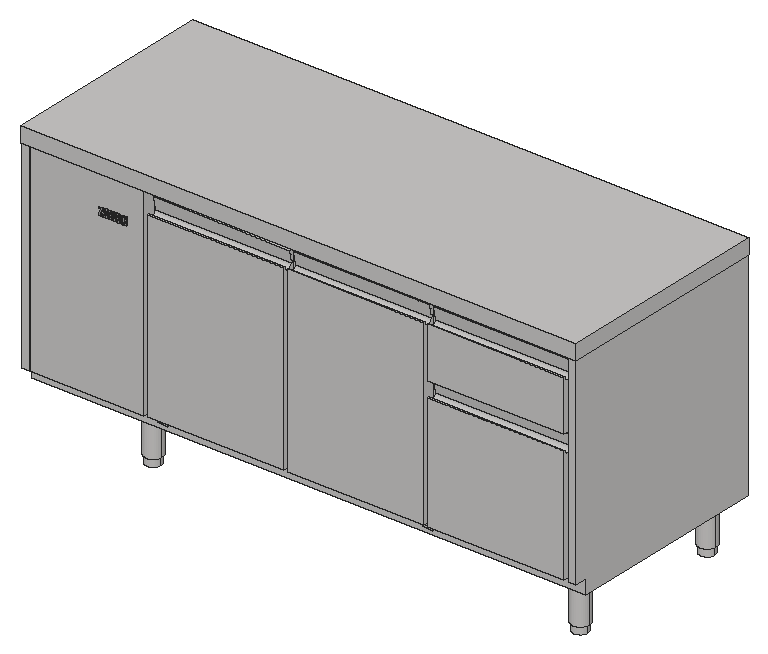
Revit family "QF_ZANUSSI_111045_ZH3HBAAD", category Specialty Equipment, Revit 2018
Family settings
  Round Connector Dimension = Use Diameter
  Part Type = Normal
  Work Plane-Based = No
  Always vertical = Yes
  Cut with Voids When Loaded = No
  Shared = No
  Room Calculation Point = No
Parameters
  Weight = 0.00 kg
  Watts = 0.0232258 W
  Volts = 220 V
  URL Manufacturer = "http://www.zanussiprofessional.com/"
  URL = "http://www.zanussiprofessional.com/"
  Steam Supply Size = 0 mm
  Steam Supply Minimum Pressure = 0.0 Pa
  Steam Supply Maximum Pressure = 0.0 Pa
  Steam Pounds per Hour = 0
  Show Logo [instance] = yes
  Show Clearance [instance] = yes
  Refrigeration Suction Line Size = 0 mm
  Refrigeration Liquid Line Size = 0 mm
  Refrigerant Compressor Remote = yes
  Manufacturer = "Zanussi"
  Phase = 1
  Model = "ZH3HBAAD"
  Length Actual = 1799 mm  # constant formula
  Item Number = "111045"
  Hot Water Size = 0 mm
  Height Actual = 900 mm  # constant formula
  HP = "0.3 HP"
  Gas Size = 0 mm
  Gas KW = 0
  Gas Input Pressure = 0 W
  Description = "2DOOR+1/3+2/3DRAWERS REF.TABLE 440L"
  Depth Actual = 700 mm  # constant formula
  Cycle = 50 Hz
  Condensate Return Size = 0 mm
  Compressed Air Volume = 0.0 L/s
  Compressed Air Size = 0 mm
  Compressed Air Pressure = 0.0 Pa
  Cold Water Size = 0 mm
  Accessory = yes
Reference planes
  plane 1 "Center X": y = 182.5
  plane 2: z = 0
  plane 3 "Center Y": x = -353.5
  plane 4: y = -62.5
  plane 5: y = 451.5
  plane 6 "BACK": y = 532.5
  plane 7 "FRONT": y = -167.5
  plane 8: x = -906
  plane 9: x = 478
  plane 10: z = 150
  plane 11 "TOP": z = 900
  plane 12: z = 850
  plane 13 "LEFT": x = -1251
  plane 14 "RIGHT": x = 544
  plane 15: x = -1253
  plane 16: x = 546
Forms (mm)
  Extrusion 1, solid, material "QF_Finishes_Stainless Steel"
    sketch origin (-353.5, 2, 0) x (0, 1, 0) y (0, 0, 1)
      loop
        line (530.5, 150) -> (530.5, 850) -> (-124.5, 850) -> (-124.5, 150) -> (530.5, 150)
    from -897.5 to 897.5
  Extrusion 2, solid, material "QF_Finishes_Stainless Steel"
    sketch origin (-1022.223, -1524, 150) x (-1, 0, 0) y (0, -1, 0)
      loop
        line (228.777, -1361.5) -> (203.777, -1361.5) -> (203.777, -1401.5) -> (228.777, -1401.5) -> (228.777, -1361.5)
      loop
        line (-1566.223, -1401.5) -> (-1541.223, -1401.5) -> (-1541.223, -1361.5) -> (-1566.223, -1361.5) -> (-1566.223, -1401.5)
    from 47 to 700
  Extrusion 3, solid, material "QF_Finishes_Stainless Steel"
    sketch origin (0, 0, 900) x (-1, 0, 0) y (0, -1, 0)
      loop
        circle (170, -94.5) r 8.45
    from -790.577 to -750
  Extrusion 4, solid, material "QF_Finishes_Stainless Steel"
    sketch origin (0, 0, 0) x (1, 0, 0) y (0, 1, 0)
      loop
        circle (-1167, 451.5) r 4
    from 109.423 to 150
  Extrusion 5, solid, material "QF_Finishes_Stainless Steel"
    sketch origin (-126.5, 0, 0) x (0, 1, 0) y (0, 0, 1)
      loop
        line (-167.5, 900) -> (-167.5, 850) -> (532.5, 850) -> (532.5, 900) -> (-167.5, 900)
    from 672.5 to -1126.5
Cuts and joins
  joined: Extrusion 1, Extrusion 2
Lines and regions (mm)
  symbolic lines, style "SpecialityEquipmentHiddenLines"
    curve 1: line (-1253, -122.5, 900) -> (546, -122.5, 900)
    curve 2: line (-850, -167.5, 900) -> (-850, -122.5, 900)
  symbolic lines, style "SpecialityEquipment"
    curve 3: line (-1253, 532.5, 900) -> (546, 532.5, 900)
    curve 4: line (-1253, 532.5, 900) -> (-1253, -167.5, 900)
    curve 5: line (-1253, -167.5, 900) -> (546, -167.5, 900)
    curve 6: line (546, -167.5, 900) -> (546, 532.5, 900)
Dimensions and locks
  locked: plane 6 "BACK" to plane 7 "FRONT" at 700
  equal spacing: plane 6 "BACK", plane 1 "Center X", plane 7 "FRONT"
  locked: plane 6 "BACK" to plane 5 at 81
  plane 10 to level = 150 mm
  plane 11 "TOP" to plane 12 to plane 10 = 50 mm locked, 700 mm locked
  locked: Extrusion 2 sketch curve to Extrusion 2 sketch curve at 25  (x2)
  locked: plane 4 to plane 7 "FRONT" at 105
  locked: plane 6 "BACK" to Extrusion 3 sketch curve at 438
  equal spacing: plane 13 "LEFT", plane 3 "Center Y", plane 14 "RIGHT"
  plane 15 to plane 16 = 1799 mm
  locked: plane 13 "LEFT" to plane 8 at 345
  locked: plane 9 to plane 14 "RIGHT" at 66
  Extrusion 3 sketch curve to plane 14 "RIGHT" = 714 mm
  plane 13 "LEFT" to Extrusion 4 sketch curve = 84 mm
  locked: plane 6 "BACK" to Extrusion 4 sketch curve at 81
  locked: plane 10 to Extrusion 4 at 40.577
  aligned and locked: level to plane 2
  aligned and locked: plane 10 to Extrusion 3
  aligned and locked: nested 4 to plane 4
  aligned and locked: nested 1 to plane 4
  aligned and locked: nested 3 to plane 5
  aligned and locked: nested 2 to plane 5
  aligned and locked: plane 8 to nested 1
  aligned and locked: plane 8 to nested 2
  aligned and locked: plane 9 to nested 4
  aligned and locked: plane 9 to nested 3
  aligned and locked: Extrusion 1 to Extrusion 2
  aligned and locked: Extrusion 2 to Extrusion 1
  aligned and locked: Extrusion 2 sketch curve to plane 14 "RIGHT"
  aligned and locked: plane 13 "LEFT" to Extrusion 2 sketch curve
  aligned and locked: cut or joined group of Extrusion 1, Extrusion 2 to plane 10
  aligned and locked: plane 12 to cut or joined group of Extrusion 1, Extrusion 2
  aligned and locked: plane 10 to Extrusion 4
Automatic sketch dimensions
  plane 7 "FRONT" to Extrusion 2 sketch curve = 45 mm  (x2)
  plane 7 "FRONT" to Extrusion 2 sketch curve = 5 mm  (x2)
  Extrusion 1 sketch curve to plane 10 = 0 mm
  Extrusion 1 sketch curve to plane 12 = 0 mm
  Extrusion 1 sketch curve to plane 6 "BACK" = 0 mm
  plane 7 "FRONT" to Extrusion 1 sketch curve = 45 mm
  Extrusion 5 sketch curve to plane 7 "FRONT" = 0 mm
  Extrusion 5 sketch curve to plane 6 "BACK" = 0 mm
  Extrusion 5 sketch curve to plane 12 = 0 mm
  Extrusion 5 sketch curve to plane 11 "TOP" = 0 mm
  curve 6 to plane 6 "BACK" = 0 mm
  curve 6 to plane 16 = 0 mm
  curve 2 to plane 7 "FRONT" = 0 mm
  curve 5 to plane 15 = 0 mm
  plane 8 to curve 2 = 56 mm
  curve 1 to curve 4 = 45 mm
  radius of Extrusion 3 sketch curve = 8.45 mm
  radius of Extrusion 4 sketch curve = 4 mm
Nested families
  nested 1: "Foot_Ø50_H150" at (-906, -62.5, 0), type "Foot_Ø50_H150"
  nested 2: "Foot_Ø50_H150" at (-906, 451.5, 0), type "Foot_Ø50_H150"
  nested 3: "Foot_Ø50_H150" at (478, 451.5, 0), type "Foot_Ø50_H150"
  nested 4: "Foot_Ø50_H150" at (478, -62.5, 0), type "Foot_Ø50_H150"
  nested 5: "1x1-3 1x2-3 Drawers" at (285, -164.5, 0), Show Clearance <- "Show Clearance", type "1x1-3 1x2-3 Drawers"
  nested 6: "Door" at (-169, -164.5, 0), Show Clearance <- "Show Clearance", type "Door"
  nested 7: "Refrigerator" at (544, -167.5, 900), type "Refrigerator"
  nested 8: "ZAN_Cooling Unit" at (-1041.5, -164.5, 0), Show Logo <- "Show Logo", type "ZAN_Cooling Unit"
  nested 9: "Door" at (-623, -164.5, 0) x (-1, 0, 0) z (0, 0, 1), Show Clearance <- "Show Clearance", type "Door"
Connectors
  electrical at (-1167, 451.5, 109.423), driven by "Volts"
    settings: on Extrusion 4, index 4, voltage 220 V, apparent load 0 VA, apparent load phase1 0 VA, apparent load phase2 0 VA, apparent load phase3 0 VA, power factor 1, load classification "Altro", number of poles 1, system type 30, power factor state 1, is connector primary yes, connector utility no, sub classification motor no, connector description "Electrical Connection"
  piping at (-170, 94.5, 109.423), diameter 17
    settings: on Extrusion 3, index 5, connector inside diameter 609.6 mm, connector length 0 mm, flow factor 0, pipe flow 0.0 L/s, pressure drop 0.0 Pa, fitting loss kfactor 0, connector angle 0.00°, fixture units 0, engagement length 0 mm, angle of deflection 0.00°, flow configuration 1, flow direction 2, fitting loss method 0, system type 16, joint type 0, gender type 0, connector reference index -1, connector utility 0, adjustable connector no, is connector primary yes, connector description "Drain"
Definition of nested family "Foot_Ø50_H150"
  Reference planes
    plane 1 "Centro (Fronte/Retro)": y = 0
    plane 2: z = 0
    plane 3 "Centro (Sinistra/Destra)": x = 0
    plane 4: z = 150
  Forms (mm)
    Revolve 1, solid
      sketch origin (255.05, 0, 608.09) x (0, 0, 1) y (-1, 0, 0)
        loop
          line (-608.09, 255.05) -> (-608.09, 230.05) -> (-583.09, 230.05) -> (-583.09, 226.05) -> (-458.09, 226.05) -> (-458.09, 255.05) -> (-608.09, 255.05)
        axis (-608.09, 255.05) -> (-458.09, 255.05)
      angle from 0 to 360
  Dimensions and locks
    locked: Revolve 1 sketch curve to Revolve 1 sketch curve at 125
    aligned and locked: level to plane 2
    aligned and locked: plane 4 to Revolve 1 sketch curve
    aligned and locked: Revolve 1 sketch curve to level
    aligned and locked: plane 3 "Centro (Sinistra/Destra)" to Revolve 1 sketch curve
Definition of nested family "1x1-3 1x2-3 Drawers"
  Parameters
    Show Clearance [instance] = yes
  Reference planes
    plane 1 "FRONT": y = -3
    plane 2: z = 0
    plane 3 "Centro (Sinistra/Destra)": x = 0
    plane 4: z = 150
    plane 5: z = 850
    plane 6: x = -234
    plane 7: x = 234
    plane 8: x = -220
    plane 9: x = 220
  Forms (mm)
    Extrusion 1, solid
      sketch origin (0, 55, 511) x (0, 0, 1) y (0, -1, 0)
        loop
          line (314, 18) -> (314, 29) -> (274.395, 22.5)
          arc (274.395, 22.5) -> (260.395, 36.5) -> (274.395, 50.5) r 14
          line (274.395, 50.5) -> (274.395, 53) -> (111.333, 53) -> (111.333, 18) -> (314, 18)
        loop
          line (101.333, 29) -> (61.728, 22.5)
          arc (61.728, 22.5) -> (47.728, 36.5) -> (61.728, 50.5) r 14
          line (61.728, 50.5) -> (61.728, 53) -> (-314, 53) -> (-314, 18) -> (101.333, 18) -> (101.333, 29)
      from -220 to 220
    Extrusion 2, solid, visible <- "Show Clearance", detail levels coarse
      sketch origin (0, -462, 511) x (0, 0, 1) y (0, -1, 0)
        loop
          line (-314, 109) -> (-314, -464) -> (101.333, -464) -> (101.333, 109) -> (-314, 109)
        loop
          line (314, -464) -> (314, 109) -> (111.333, 109) -> (111.333, -464) -> (314, -464)
      from -220 to 220
  Lines and regions (mm)
    symbolic lines
      curve 1: line (-220, -208, 0) -> (-220, -243, 0)
      curve 2: line (220, -243, 0) -> (220, -208, 0)
      curve 3: line (-190, -3, 0) -> (-190, -48, 0)
      curve 4: line (220, -48, 0) -> (-220, -48, 0)
      curve 5: line (-220, -48, 0) -> (-220, -83, 0)
      curve 6: line (-220, -83, 0) -> (220, -83, 0)
      curve 7: line (220, -83, 0) -> (220, -48, 0)
      curve 8: line (190, -48, 0) -> (190, -3, 0)
      curve 9: line (-190, -83, 0) -> (-190, -208, 0)
      curve 10: line (190, -208, 0) -> (190, -83, 0)
      curve 11: line (220, -208, 0) -> (-220, -208, 0)
      curve 12: line (-220, -208, 0) -> (-220, -243, 0)
      curve 13: line (-220, -243, 0) -> (220, -243, 0)
      curve 14: line (220, -243, 0) -> (220, -208, 0)
  Dimensions and locks
    aligned and locked: level to plane 2
Definition of nested family "Door"
  Parameters
    Show Clearance [instance] = yes
  Reference planes
    plane 1 "FRONT": y = -3
    plane 2: z = 0
    plane 3 "Centro (Sinistra/Destra)": x = 0
    plane 4: z = 150
    plane 5: z = 850
    plane 6: x = -234
    plane 7: x = 234
    plane 8: x = -220
    plane 9: x = 220
  Forms (mm)
    Extrusion 1, solid
      sketch origin (0, 53, 511) x (0, 0, 1) y (0, -1, 0)
        loop
          line (-323.003, 28.5) -> (-316.501, 28.5) -> (-316.501, 31) -> (-325.503, 31) -> (-325.503, 13.5) -> (-345.503, 13.5) -> (-345.503, 11) -> (-323.003, 11) -> (-323.003, 23.259) -> (-323.003, 28.5)
        loop
          line (-314, 27) -> (-316.501, 27) -> (-316.501, 18.501) -> (-319.752, 18.501) -> (-319.752, 16) -> (-314, 16) -> (-314, 27)
        loop
          line (315.003, 27) -> (315.003, 13.948) -> (315.003, 11) -> (327.503, 11) -> (327.503, 13.5) -> (317.503, 13.5) -> (317.503, 27) -> (315.003, 27)
      from 185 to 220
    Extrusion 2, solid, visible <- "Show Clearance", detail levels coarse
      sketch origin (0, 53, 511) x (0, -1, 0) y (1, 0, 0)
        loop
          line (51, 220) -> (51, -220)
          arc (51, -220) -> (339.234, -79.44) -> (454, 220) r 437.168
          line (454, 220) -> (51, 220)
      from -314 to 314
    Extrusion 3, solid
      sketch origin (0, 55, 511) x (0, 0, 1) y (0, -1, 0)
        loop
          line (314, 18) -> (314, 29) -> (274.395, 22.5)
          arc (274.395, 22.5) -> (260.395, 36.5) -> (274.395, 50.5) r 14
          line (274.395, 50.5) -> (274.395, 53) -> (-314, 53) -> (-314, 18) -> (314, 18)
      from -220 to 220
  Lines and regions (mm)
    symbolic lines
      curve 1: line (220, -3, 0) -> (220, -401, 0)
      curve 2: line (220, -401, 0) -> (185, -401, 0)
      curve 3: line (185, -401, 0) -> (185, -3, 0)
      curve 4: arc (-219.722, -3, 0) -> (-89.51, -275.368, 0) -> (185, -401, 0) r 442.855
  Dimensions and locks
    aligned and locked: level to plane 2
Definition of nested family "ZAN_Cooling Unit"
  Parameters
    Show Logo [instance] = yes
  Reference planes
    plane 1 "FRONT": y = -3
    plane 2: z = 0
    plane 3 "Centro (Sinistra/Destra)": x = 0
    plane 4: z = 150
    plane 5: z = 850
    plane 6: x = -184.5
    plane 7: x = 184.5
  Forms (mm)
    Extrusion 1, solid
      sketch origin (0, 55, 511) x (0, 0, 1) y (0, -1, 0)
        loop
          line (-314, 53) -> (-314, 13) -> (339, 13) -> (339, 53) -> (-314, 53)
      from -184.5 to 184.5
  Lines and regions (mm)
    Split face 1
      outline origin (0, 2, 197) x (0, 0, 1) y (-1, 0, 0)
        loop
          line (566.835, 184.5) -> (566.835, -184.5)
        loop
          line (521.835, 184.5) -> (521.835, -184.5)
    Split face 2
      outline origin (0, 2, 197) x (0, 0, 1) y (-1, 0, 0)
        loop
          arc (510.649, 158.547) -> (506.648, 162.548) -> (502.647, 158.547) r 4.001
          line (502.647, 158.547) -> (502.647, 116.535)
          arc (502.647, 116.535) -> (506.648, 112.533) -> (510.649, 116.535) r 4.001
          line (510.649, 116.535) -> (510.649, 158.547)
    Split face 3
      outline origin (0, 2, 184.996) x (0, 0, 1) y (-1, 0, 0)
        loop
          arc (510.649, 158.547) -> (506.648, 162.548) -> (502.647, 158.547) r 4.001
          line (502.647, 158.547) -> (502.647, 116.535)
          arc (502.647, 116.535) -> (506.648, 112.533) -> (510.649, 116.535) r 4.001
          line (510.649, 116.535) -> (510.649, 158.547)
    Split face 4
      outline origin (0, 2, 172.993) x (0, 0, 1) y (-1, 0, 0)
        loop
          arc (510.649, 158.547) -> (506.648, 162.548) -> (502.647, 158.547) r 4.001
          line (502.647, 158.547) -> (502.647, 116.535)
          arc (502.647, 116.535) -> (506.648, 112.533) -> (510.649, 116.535) r 4.001
          line (510.649, 116.535) -> (510.649, 158.547)
    Split face 5
      outline origin (0, 2, 160.989) x (0, 0, 1) y (-1, 0, 0)
        loop
          arc (510.649, 158.547) -> (506.648, 162.548) -> (502.647, 158.547) r 4.001
          line (502.647, 158.547) -> (502.647, 116.535)
          arc (502.647, 116.535) -> (506.648, 112.533) -> (510.649, 116.535) r 4.001
          line (510.649, 116.535) -> (510.649, 158.547)
    Split face 6
      outline origin (0, 2, 148.986) x (0, 0, 1) y (-1, 0, 0)
        loop
          arc (510.649, 158.547) -> (506.648, 162.548) -> (502.647, 158.547) r 4.001
          line (502.647, 158.547) -> (502.647, 116.535)
          arc (502.647, 116.535) -> (506.648, 112.533) -> (510.649, 116.535) r 4.001
          line (510.649, 116.535) -> (510.649, 158.547)
    Split face 7
      outline origin (0, 2, 136.982) x (0, 0, 1) y (-1, 0, 0)
        loop
          arc (510.649, 158.547) -> (506.648, 162.548) -> (502.647, 158.547) r 4.001
          line (502.647, 158.547) -> (502.647, 116.535)
          arc (502.647, 116.535) -> (506.648, 112.533) -> (510.649, 116.535) r 4.001
          line (510.649, 116.535) -> (510.649, 158.547)
    Split face 8
      outline origin (0, 2, 124.979) x (0, 0, 1) y (-1, 0, 0)
        loop
          arc (510.649, 158.547) -> (506.648, 162.548) -> (502.647, 158.547) r 4.001
          line (502.647, 158.547) -> (502.647, 116.535)
          arc (502.647, 116.535) -> (506.648, 112.533) -> (510.649, 116.535) r 4.001
          line (510.649, 116.535) -> (510.649, 158.547)
    Split face 9
      outline origin (0, 2, 112.975) x (0, 0, 1) y (-1, 0, 0)
        loop
          arc (510.649, 158.547) -> (506.648, 162.548) -> (502.647, 158.547) r 4.001
          line (502.647, 158.547) -> (502.647, 116.535)
          arc (502.647, 116.535) -> (506.648, 112.533) -> (510.649, 116.535) r 4.001
          line (510.649, 116.535) -> (510.649, 158.547)
    Split face 10
      outline origin (0, 2, 100.972) x (0, 0, 1) y (-1, 0, 0)
        loop
          arc (510.649, 158.547) -> (506.648, 162.548) -> (502.647, 158.547) r 4.001
          line (502.647, 158.547) -> (502.647, 116.535)
          arc (502.647, 116.535) -> (506.648, 112.533) -> (510.649, 116.535) r 4.001
          line (510.649, 116.535) -> (510.649, 158.547)
    Split face 11
      outline origin (0, 2, 88.968) x (0, 0, 1) y (-1, 0, 0)
        loop
          arc (510.649, 158.547) -> (506.648, 162.548) -> (502.647, 158.547) r 4.001
          line (502.647, 158.547) -> (502.647, 116.535)
          arc (502.647, 116.535) -> (506.648, 112.533) -> (510.649, 116.535) r 4.001
          line (510.649, 116.535) -> (510.649, 158.547)
    Split face 12
      outline origin (0, 2, 76.965) x (0, 0, 1) y (-1, 0, 0)
        loop
          arc (510.649, 158.547) -> (506.648, 162.548) -> (502.647, 158.547) r 4.001
          line (502.647, 158.547) -> (502.647, 116.535)
          arc (502.647, 116.535) -> (506.648, 112.533) -> (510.649, 116.535) r 4.001
          line (510.649, 116.535) -> (510.649, 158.547)
    Split face 13
      outline origin (0, 2, 64.961) x (0, 0, 1) y (-1, 0, 0)
        loop
          arc (510.649, 158.547) -> (506.648, 162.548) -> (502.647, 158.547) r 4.001
          line (502.647, 158.547) -> (502.647, 116.535)
          arc (502.647, 116.535) -> (506.648, 112.533) -> (510.649, 116.535) r 4.001
          line (510.649, 116.535) -> (510.649, 158.547)
    Split face 14
      outline origin (0, 2, 52.958) x (0, 0, 1) y (-1, 0, 0)
        loop
          arc (510.649, 158.547) -> (506.648, 162.548) -> (502.647, 158.547) r 4.001
          line (502.647, 158.547) -> (502.647, 116.535)
          arc (502.647, 116.535) -> (506.648, 112.533) -> (510.649, 116.535) r 4.001
          line (510.649, 116.535) -> (510.649, 158.547)
    Split face 15
      outline origin (0, 2, 40.954) x (0, 0, 1) y (-1, 0, 0)
        loop
          arc (510.649, 158.547) -> (506.648, 162.548) -> (502.647, 158.547) r 4.001
          line (502.647, 158.547) -> (502.647, 116.535)
          arc (502.647, 116.535) -> (506.648, 112.533) -> (510.649, 116.535) r 4.001
          line (510.649, 116.535) -> (510.649, 158.547)
    Split face 16
      outline origin (0, 2, 28.951) x (0, 0, 1) y (-1, 0, 0)
        loop
          arc (510.649, 158.547) -> (506.648, 162.548) -> (502.647, 158.547) r 4.001
          line (502.647, 158.547) -> (502.647, 116.535)
          arc (502.647, 116.535) -> (506.648, 112.533) -> (510.649, 116.535) r 4.001
          line (510.649, 116.535) -> (510.649, 158.547)
    Split face 17
      outline origin (0, 2, 16.947) x (0, 0, 1) y (-1, 0, 0)
        loop
          arc (510.649, 158.547) -> (506.648, 162.548) -> (502.647, 158.547) r 4.001
          line (502.647, 158.547) -> (502.647, 116.535)
          arc (502.647, 116.535) -> (506.648, 112.533) -> (510.649, 116.535) r 4.001
          line (510.649, 116.535) -> (510.649, 158.547)
    Split face 18
      outline origin (55.016, 2, 197) x (0, 0, 1) y (-1, 0, 0)
        loop
          arc (510.649, 158.547) -> (506.648, 162.548) -> (502.647, 158.547) r 4.001
          line (502.647, 158.547) -> (502.647, 116.535)
          arc (502.647, 116.535) -> (506.648, 112.533) -> (510.649, 116.535) r 4.001
          line (510.649, 116.535) -> (510.649, 158.547)
    Split face 19
      outline origin (55.016, 2, 184.996) x (0, 0, 1) y (-1, 0, 0)
        loop
          arc (510.649, 158.547) -> (506.648, 162.548) -> (502.647, 158.547) r 4.001
          line (502.647, 158.547) -> (502.647, 116.535)
          arc (502.647, 116.535) -> (506.648, 112.533) -> (510.649, 116.535) r 4.001
          line (510.649, 116.535) -> (510.649, 158.547)
    Split face 20
      outline origin (55.016, 2, 172.993) x (0, 0, 1) y (-1, 0, 0)
        loop
          arc (510.649, 158.547) -> (506.648, 162.548) -> (502.647, 158.547) r 4.001
          line (502.647, 158.547) -> (502.647, 116.535)
          arc (502.647, 116.535) -> (506.648, 112.533) -> (510.649, 116.535) r 4.001
          line (510.649, 116.535) -> (510.649, 158.547)
    Split face 21
      outline origin (55.016, 2, 160.989) x (0, 0, 1) y (-1, 0, 0)
        loop
          arc (510.649, 158.547) -> (506.648, 162.548) -> (502.647, 158.547) r 4.001
          line (502.647, 158.547) -> (502.647, 116.535)
          arc (502.647, 116.535) -> (506.648, 112.533) -> (510.649, 116.535) r 4.001
          line (510.649, 116.535) -> (510.649, 158.547)
    Split face 22
      outline origin (55.016, 2, 148.986) x (0, 0, 1) y (-1, 0, 0)
        loop
          arc (510.649, 158.547) -> (506.648, 162.548) -> (502.647, 158.547) r 4.001
          line (502.647, 158.547) -> (502.647, 116.535)
          arc (502.647, 116.535) -> (506.648, 112.533) -> (510.649, 116.535) r 4.001
          line (510.649, 116.535) -> (510.649, 158.547)
    Split face 23
      outline origin (55.016, 2, 136.982) x (0, 0, 1) y (-1, 0, 0)
        loop
          arc (510.649, 158.547) -> (506.648, 162.548) -> (502.647, 158.547) r 4.001
          line (502.647, 158.547) -> (502.647, 116.535)
          arc (502.647, 116.535) -> (506.648, 112.533) -> (510.649, 116.535) r 4.001
          line (510.649, 116.535) -> (510.649, 158.547)
    Split face 24
      outline origin (55.016, 2, 124.979) x (0, 0, 1) y (-1, 0, 0)
        loop
          arc (510.649, 158.547) -> (506.648, 162.548) -> (502.647, 158.547) r 4.001
          line (502.647, 158.547) -> (502.647, 116.535)
          arc (502.647, 116.535) -> (506.648, 112.533) -> (510.649, 116.535) r 4.001
          line (510.649, 116.535) -> (510.649, 158.547)
    Split face 25
      outline origin (55.016, 2, 112.975) x (0, 0, 1) y (-1, 0, 0)
        loop
          arc (510.649, 158.547) -> (506.648, 162.548) -> (502.647, 158.547) r 4.001
          line (502.647, 158.547) -> (502.647, 116.535)
          arc (502.647, 116.535) -> (506.648, 112.533) -> (510.649, 116.535) r 4.001
          line (510.649, 116.535) -> (510.649, 158.547)
    Split face 26
      outline origin (55.016, 2, 100.972) x (0, 0, 1) y (-1, 0, 0)
        loop
          arc (510.649, 158.547) -> (506.648, 162.548) -> (502.647, 158.547) r 4.001
          line (502.647, 158.547) -> (502.647, 116.535)
          arc (502.647, 116.535) -> (506.648, 112.533) -> (510.649, 116.535) r 4.001
          line (510.649, 116.535) -> (510.649, 158.547)
    Split face 27
      outline origin (55.016, 2, 88.968) x (0, 0, 1) y (-1, 0, 0)
        loop
          arc (510.649, 158.547) -> (506.648, 162.548) -> (502.647, 158.547) r 4.001
          line (502.647, 158.547) -> (502.647, 116.535)
          arc (502.647, 116.535) -> (506.648, 112.533) -> (510.649, 116.535) r 4.001
          line (510.649, 116.535) -> (510.649, 158.547)
    Split face 28
      outline origin (55.016, 2, 76.965) x (0, 0, 1) y (-1, 0, 0)
        loop
          arc (510.649, 158.547) -> (506.648, 162.548) -> (502.647, 158.547) r 4.001
          line (502.647, 158.547) -> (502.647, 116.535)
          arc (502.647, 116.535) -> (506.648, 112.533) -> (510.649, 116.535) r 4.001
          line (510.649, 116.535) -> (510.649, 158.547)
    Split face 29
      outline origin (55.016, 2, 64.961) x (0, 0, 1) y (-1, 0, 0)
        loop
          arc (510.649, 158.547) -> (506.648, 162.548) -> (502.647, 158.547) r 4.001
          line (502.647, 158.547) -> (502.647, 116.535)
          arc (502.647, 116.535) -> (506.648, 112.533) -> (510.649, 116.535) r 4.001
          line (510.649, 116.535) -> (510.649, 158.547)
    Split face 30
      outline origin (55.016, 2, 52.958) x (0, 0, 1) y (-1, 0, 0)
        loop
          arc (510.649, 158.547) -> (506.648, 162.548) -> (502.647, 158.547) r 4.001
          line (502.647, 158.547) -> (502.647, 116.535)
          arc (502.647, 116.535) -> (506.648, 112.533) -> (510.649, 116.535) r 4.001
          line (510.649, 116.535) -> (510.649, 158.547)
    Split face 31
      outline origin (55.016, 2, 40.954) x (0, 0, 1) y (-1, 0, 0)
        loop
          arc (510.649, 158.547) -> (506.648, 162.548) -> (502.647, 158.547) r 4.001
          line (502.647, 158.547) -> (502.647, 116.535)
          arc (502.647, 116.535) -> (506.648, 112.533) -> (510.649, 116.535) r 4.001
          line (510.649, 116.535) -> (510.649, 158.547)
    Split face 32
      outline origin (55.016, 2, 28.951) x (0, 0, 1) y (-1, 0, 0)
        loop
          arc (510.649, 158.547) -> (506.648, 162.548) -> (502.647, 158.547) r 4.001
          line (502.647, 158.547) -> (502.647, 116.535)
          arc (502.647, 116.535) -> (506.648, 112.533) -> (510.649, 116.535) r 4.001
          line (510.649, 116.535) -> (510.649, 158.547)
    Split face 33
      outline origin (55.016, 2, 16.947) x (0, 0, 1) y (-1, 0, 0)
        loop
          arc (510.649, 158.547) -> (506.648, 162.548) -> (502.647, 158.547) r 4.001
          line (502.647, 158.547) -> (502.647, 116.535)
          arc (502.647, 116.535) -> (506.648, 112.533) -> (510.649, 116.535) r 4.001
          line (510.649, 116.535) -> (510.649, 158.547)
    Split face 34
      outline origin (110.032, 2, 197) x (0, 0, 1) y (-1, 0, 0)
        loop
          arc (510.649, 158.547) -> (506.648, 162.548) -> (502.647, 158.547) r 4.001
          line (502.647, 158.547) -> (502.647, 116.535)
          arc (502.647, 116.535) -> (506.648, 112.533) -> (510.649, 116.535) r 4.001
          line (510.649, 116.535) -> (510.649, 158.547)
    Split face 35
      outline origin (110.032, 2, 184.996) x (0, 0, 1) y (-1, 0, 0)
        loop
          arc (510.649, 158.547) -> (506.648, 162.548) -> (502.647, 158.547) r 4.001
          line (502.647, 158.547) -> (502.647, 116.535)
          arc (502.647, 116.535) -> (506.648, 112.533) -> (510.649, 116.535) r 4.001
          line (510.649, 116.535) -> (510.649, 158.547)
    Split face 36
      outline origin (110.032, 2, 172.993) x (0, 0, 1) y (-1, 0, 0)
        loop
          arc (510.649, 158.547) -> (506.648, 162.548) -> (502.647, 158.547) r 4.001
          line (502.647, 158.547) -> (502.647, 116.535)
          arc (502.647, 116.535) -> (506.648, 112.533) -> (510.649, 116.535) r 4.001
          line (510.649, 116.535) -> (510.649, 158.547)
    Split face 37
      outline origin (110.032, 2, 160.989) x (0, 0, 1) y (-1, 0, 0)
        loop
          arc (510.649, 158.547) -> (506.648, 162.548) -> (502.647, 158.547) r 4.001
          line (502.647, 158.547) -> (502.647, 116.535)
          arc (502.647, 116.535) -> (506.648, 112.533) -> (510.649, 116.535) r 4.001
          line (510.649, 116.535) -> (510.649, 158.547)
    Split face 38
      outline origin (110.032, 2, 148.986) x (0, 0, 1) y (-1, 0, 0)
        loop
          arc (510.649, 158.547) -> (506.648, 162.548) -> (502.647, 158.547) r 4.001
          line (502.647, 158.547) -> (502.647, 116.535)
          arc (502.647, 116.535) -> (506.648, 112.533) -> (510.649, 116.535) r 4.001
          line (510.649, 116.535) -> (510.649, 158.547)
    Split face 39
      outline origin (110.032, 2, 136.982) x (0, 0, 1) y (-1, 0, 0)
        loop
          arc (510.649, 158.547) -> (506.648, 162.548) -> (502.647, 158.547) r 4.001
          line (502.647, 158.547) -> (502.647, 116.535)
          arc (502.647, 116.535) -> (506.648, 112.533) -> (510.649, 116.535) r 4.001
          line (510.649, 116.535) -> (510.649, 158.547)
    Split face 40
      outline origin (110.032, 2, 124.979) x (0, 0, 1) y (-1, 0, 0)
        loop
          arc (510.649, 158.547) -> (506.648, 162.548) -> (502.647, 158.547) r 4.001
          line (502.647, 158.547) -> (502.647, 116.535)
          arc (502.647, 116.535) -> (506.648, 112.533) -> (510.649, 116.535) r 4.001
          line (510.649, 116.535) -> (510.649, 158.547)
    Split face 41
      outline origin (110.032, 2, 112.975) x (0, 0, 1) y (-1, 0, 0)
        loop
          arc (510.649, 158.547) -> (506.648, 162.548) -> (502.647, 158.547) r 4.001
          line (502.647, 158.547) -> (502.647, 116.535)
          arc (502.647, 116.535) -> (506.648, 112.533) -> (510.649, 116.535) r 4.001
          line (510.649, 116.535) -> (510.649, 158.547)
    Split face 42
      outline origin (110.032, 2, 100.972) x (0, 0, 1) y (-1, 0, 0)
        loop
          arc (510.649, 158.547) -> (506.648, 162.548) -> (502.647, 158.547) r 4.001
          line (502.647, 158.547) -> (502.647, 116.535)
          arc (502.647, 116.535) -> (506.648, 112.533) -> (510.649, 116.535) r 4.001
          line (510.649, 116.535) -> (510.649, 158.547)
    Split face 43
      outline origin (110.032, 2, 88.968) x (0, 0, 1) y (-1, 0, 0)
        loop
          arc (510.649, 158.547) -> (506.648, 162.548) -> (502.647, 158.547) r 4.001
          line (502.647, 158.547) -> (502.647, 116.535)
          arc (502.647, 116.535) -> (506.648, 112.533) -> (510.649, 116.535) r 4.001
          line (510.649, 116.535) -> (510.649, 158.547)
    Split face 44
      outline origin (110.032, 2, 76.965) x (0, 0, 1) y (-1, 0, 0)
        loop
          arc (510.649, 158.547) -> (506.648, 162.548) -> (502.647, 158.547) r 4.001
          line (502.647, 158.547) -> (502.647, 116.535)
          arc (502.647, 116.535) -> (506.648, 112.533) -> (510.649, 116.535) r 4.001
          line (510.649, 116.535) -> (510.649, 158.547)
    Split face 45
      outline origin (110.032, 2, 64.961) x (0, 0, 1) y (-1, 0, 0)
        loop
          arc (510.649, 158.547) -> (506.648, 162.548) -> (502.647, 158.547) r 4.001
          line (502.647, 158.547) -> (502.647, 116.535)
          arc (502.647, 116.535) -> (506.648, 112.533) -> (510.649, 116.535) r 4.001
          line (510.649, 116.535) -> (510.649, 158.547)
    Split face 46
      outline origin (110.032, 2, 52.958) x (0, 0, 1) y (-1, 0, 0)
        loop
          arc (510.649, 158.547) -> (506.648, 162.548) -> (502.647, 158.547) r 4.001
          line (502.647, 158.547) -> (502.647, 116.535)
          arc (502.647, 116.535) -> (506.648, 112.533) -> (510.649, 116.535) r 4.001
          line (510.649, 116.535) -> (510.649, 158.547)
    Split face 47
      outline origin (110.032, 2, 40.954) x (0, 0, 1) y (-1, 0, 0)
        loop
          arc (510.649, 158.547) -> (506.648, 162.548) -> (502.647, 158.547) r 4.001
          line (502.647, 158.547) -> (502.647, 116.535)
          arc (502.647, 116.535) -> (506.648, 112.533) -> (510.649, 116.535) r 4.001
          line (510.649, 116.535) -> (510.649, 158.547)
    Split face 48
      outline origin (110.032, 2, 28.951) x (0, 0, 1) y (-1, 0, 0)
        loop
          arc (510.649, 158.547) -> (506.648, 162.548) -> (502.647, 158.547) r 4.001
          line (502.647, 158.547) -> (502.647, 116.535)
          arc (502.647, 116.535) -> (506.648, 112.533) -> (510.649, 116.535) r 4.001
          line (510.649, 116.535) -> (510.649, 158.547)
    Split face 49
      outline origin (110.032, 2, 16.947) x (0, 0, 1) y (-1, 0, 0)
        loop
          arc (510.649, 158.547) -> (506.648, 162.548) -> (502.647, 158.547) r 4.001
          line (502.647, 158.547) -> (502.647, 116.535)
          arc (502.647, 116.535) -> (506.648, 112.533) -> (510.649, 116.535) r 4.001
          line (510.649, 116.535) -> (510.649, 158.547)
    Split face 50
      outline origin (165.048, 2, 197) x (0, 0, 1) y (-1, 0, 0)
        loop
          arc (510.649, 158.547) -> (506.648, 162.548) -> (502.647, 158.547) r 4.001
          line (502.647, 158.547) -> (502.647, 116.535)
          arc (502.647, 116.535) -> (506.648, 112.533) -> (510.649, 116.535) r 4.001
          line (510.649, 116.535) -> (510.649, 158.547)
    Split face 51
      outline origin (165.048, 2, 184.996) x (0, 0, 1) y (-1, 0, 0)
        loop
          arc (510.649, 158.547) -> (506.648, 162.548) -> (502.647, 158.547) r 4.001
          line (502.647, 158.547) -> (502.647, 116.535)
          arc (502.647, 116.535) -> (506.648, 112.533) -> (510.649, 116.535) r 4.001
          line (510.649, 116.535) -> (510.649, 158.547)
    Split face 52
      outline origin (165.048, 2, 172.993) x (0, 0, 1) y (-1, 0, 0)
        loop
          arc (510.649, 158.547) -> (506.648, 162.548) -> (502.647, 158.547) r 4.001
          line (502.647, 158.547) -> (502.647, 116.535)
          arc (502.647, 116.535) -> (506.648, 112.533) -> (510.649, 116.535) r 4.001
          line (510.649, 116.535) -> (510.649, 158.547)
    Split face 53
      outline origin (165.048, 2, 160.989) x (0, 0, 1) y (-1, 0, 0)
        loop
          arc (510.649, 158.547) -> (506.648, 162.548) -> (502.647, 158.547) r 4.001
          line (502.647, 158.547) -> (502.647, 116.535)
          arc (502.647, 116.535) -> (506.648, 112.533) -> (510.649, 116.535) r 4.001
          line (510.649, 116.535) -> (510.649, 158.547)
    Split face 54
      outline origin (165.048, 2, 148.986) x (0, 0, 1) y (-1, 0, 0)
        loop
          arc (510.649, 158.547) -> (506.648, 162.548) -> (502.647, 158.547) r 4.001
          line (502.647, 158.547) -> (502.647, 116.535)
          arc (502.647, 116.535) -> (506.648, 112.533) -> (510.649, 116.535) r 4.001
          line (510.649, 116.535) -> (510.649, 158.547)
    Split face 55
      outline origin (165.048, 2, 136.982) x (0, 0, 1) y (-1, 0, 0)
        loop
          arc (510.649, 158.547) -> (506.648, 162.548) -> (502.647, 158.547) r 4.001
          line (502.647, 158.547) -> (502.647, 116.535)
          arc (502.647, 116.535) -> (506.648, 112.533) -> (510.649, 116.535) r 4.001
          line (510.649, 116.535) -> (510.649, 158.547)
    Split face 56
      outline origin (165.048, 2, 124.979) x (0, 0, 1) y (-1, 0, 0)
        loop
          arc (510.649, 158.547) -> (506.648, 162.548) -> (502.647, 158.547) r 4.001
          line (502.647, 158.547) -> (502.647, 116.535)
          arc (502.647, 116.535) -> (506.648, 112.533) -> (510.649, 116.535) r 4.001
          line (510.649, 116.535) -> (510.649, 158.547)
    Split face 57
      outline origin (165.048, 2, 112.975) x (0, 0, 1) y (-1, 0, 0)
        loop
          arc (510.649, 158.547) -> (506.648, 162.548) -> (502.647, 158.547) r 4.001
          line (502.647, 158.547) -> (502.647, 116.535)
          arc (502.647, 116.535) -> (506.648, 112.533) -> (510.649, 116.535) r 4.001
          line (510.649, 116.535) -> (510.649, 158.547)
    Split face 58
      outline origin (165.048, 2, 100.972) x (0, 0, 1) y (-1, 0, 0)
        loop
          arc (510.649, 158.547) -> (506.648, 162.548) -> (502.647, 158.547) r 4.001
          line (502.647, 158.547) -> (502.647, 116.535)
          arc (502.647, 116.535) -> (506.648, 112.533) -> (510.649, 116.535) r 4.001
          line (510.649, 116.535) -> (510.649, 158.547)
    Split face 59
      outline origin (165.048, 2, 88.968) x (0, 0, 1) y (-1, 0, 0)
        loop
          arc (510.649, 158.547) -> (506.648, 162.548) -> (502.647, 158.547) r 4.001
          line (502.647, 158.547) -> (502.647, 116.535)
          arc (502.647, 116.535) -> (506.648, 112.533) -> (510.649, 116.535) r 4.001
          line (510.649, 116.535) -> (510.649, 158.547)
    Split face 60
      outline origin (165.048, 2, 76.965) x (0, 0, 1) y (-1, 0, 0)
        loop
          arc (510.649, 158.547) -> (506.648, 162.548) -> (502.647, 158.547) r 4.001
          line (502.647, 158.547) -> (502.647, 116.535)
          arc (502.647, 116.535) -> (506.648, 112.533) -> (510.649, 116.535) r 4.001
          line (510.649, 116.535) -> (510.649, 158.547)
    Split face 61
      outline origin (165.048, 2, 64.961) x (0, 0, 1) y (-1, 0, 0)
        loop
          arc (510.649, 158.547) -> (506.648, 162.548) -> (502.647, 158.547) r 4.001
          line (502.647, 158.547) -> (502.647, 116.535)
          arc (502.647, 116.535) -> (506.648, 112.533) -> (510.649, 116.535) r 4.001
          line (510.649, 116.535) -> (510.649, 158.547)
    Split face 62
      outline origin (165.048, 2, 52.958) x (0, 0, 1) y (-1, 0, 0)
        loop
          arc (510.649, 158.547) -> (506.648, 162.548) -> (502.647, 158.547) r 4.001
          line (502.647, 158.547) -> (502.647, 116.535)
          arc (502.647, 116.535) -> (506.648, 112.533) -> (510.649, 116.535) r 4.001
          line (510.649, 116.535) -> (510.649, 158.547)
    Split face 63
      outline origin (165.048, 2, 40.954) x (0, 0, 1) y (-1, 0, 0)
        loop
          arc (510.649, 158.547) -> (506.648, 162.548) -> (502.647, 158.547) r 4.001
          line (502.647, 158.547) -> (502.647, 116.535)
          arc (502.647, 116.535) -> (506.648, 112.533) -> (510.649, 116.535) r 4.001
          line (510.649, 116.535) -> (510.649, 158.547)
    Split face 64
      outline origin (165.048, 2, 28.951) x (0, 0, 1) y (-1, 0, 0)
        loop
          arc (510.649, 158.547) -> (506.648, 162.548) -> (502.647, 158.547) r 4.001
          line (502.647, 158.547) -> (502.647, 116.535)
          arc (502.647, 116.535) -> (506.648, 112.533) -> (510.649, 116.535) r 4.001
          line (510.649, 116.535) -> (510.649, 158.547)
    Split face 65
      outline origin (165.048, 2, 16.947) x (0, 0, 1) y (-1, 0, 0)
        loop
          arc (510.649, 158.547) -> (506.648, 162.548) -> (502.647, 158.547) r 4.001
          line (502.647, 158.547) -> (502.647, 116.535)
          arc (502.647, 116.535) -> (506.648, 112.533) -> (510.649, 116.535) r 4.001
          line (510.649, 116.535) -> (510.649, 158.547)
    Split face 66
      outline origin (220.064, 2, 197) x (0, 0, 1) y (-1, 0, 0)
        loop
          arc (510.649, 158.547) -> (506.648, 162.548) -> (502.647, 158.547) r 4.001
          line (502.647, 158.547) -> (502.647, 116.535)
          arc (502.647, 116.535) -> (506.648, 112.533) -> (510.649, 116.535) r 4.001
          line (510.649, 116.535) -> (510.649, 158.547)
    Split face 67
      outline origin (220.064, 2, 184.996) x (0, 0, 1) y (-1, 0, 0)
        loop
          arc (510.649, 158.547) -> (506.648, 162.548) -> (502.647, 158.547) r 4.001
          line (502.647, 158.547) -> (502.647, 116.535)
          arc (502.647, 116.535) -> (506.648, 112.533) -> (510.649, 116.535) r 4.001
          line (510.649, 116.535) -> (510.649, 158.547)
    Split face 68
      outline origin (220.064, 2, 172.993) x (0, 0, 1) y (-1, 0, 0)
        loop
          arc (510.649, 158.547) -> (506.648, 162.548) -> (502.647, 158.547) r 4.001
          line (502.647, 158.547) -> (502.647, 116.535)
          arc (502.647, 116.535) -> (506.648, 112.533) -> (510.649, 116.535) r 4.001
          line (510.649, 116.535) -> (510.649, 158.547)
    Split face 69
      outline origin (220.064, 2, 160.989) x (0, 0, 1) y (-1, 0, 0)
        loop
          arc (510.649, 158.547) -> (506.648, 162.548) -> (502.647, 158.547) r 4.001
          line (502.647, 158.547) -> (502.647, 116.535)
          arc (502.647, 116.535) -> (506.648, 112.533) -> (510.649, 116.535) r 4.001
          line (510.649, 116.535) -> (510.649, 158.547)
    Split face 70
      outline origin (220.064, 2, 148.986) x (0, 0, 1) y (-1, 0, 0)
        loop
          arc (510.649, 158.547) -> (506.648, 162.548) -> (502.647, 158.547) r 4.001
          line (502.647, 158.547) -> (502.647, 116.535)
          arc (502.647, 116.535) -> (506.648, 112.533) -> (510.649, 116.535) r 4.001
          line (510.649, 116.535) -> (510.649, 158.547)
    Split face 71
      outline origin (220.064, 2, 136.982) x (0, 0, 1) y (-1, 0, 0)
        loop
          arc (510.649, 158.547) -> (506.648, 162.548) -> (502.647, 158.547) r 4.001
          line (502.647, 158.547) -> (502.647, 116.535)
          arc (502.647, 116.535) -> (506.648, 112.533) -> (510.649, 116.535) r 4.001
          line (510.649, 116.535) -> (510.649, 158.547)
    Split face 72
      outline origin (220.064, 2, 124.979) x (0, 0, 1) y (-1, 0, 0)
        loop
          arc (510.649, 158.547) -> (506.648, 162.548) -> (502.647, 158.547) r 4.001
          line (502.647, 158.547) -> (502.647, 116.535)
          arc (502.647, 116.535) -> (506.648, 112.533) -> (510.649, 116.535) r 4.001
          line (510.649, 116.535) -> (510.649, 158.547)
    Split face 73
      outline origin (220.064, 2, 112.975) x (0, 0, 1) y (-1, 0, 0)
        loop
          arc (510.649, 158.547) -> (506.648, 162.548) -> (502.647, 158.547) r 4.001
          line (502.647, 158.547) -> (502.647, 116.535)
          arc (502.647, 116.535) -> (506.648, 112.533) -> (510.649, 116.535) r 4.001
          line (510.649, 116.535) -> (510.649, 158.547)
    Split face 74
      outline origin (220.064, 2, 100.972) x (0, 0, 1) y (-1, 0, 0)
        loop
          arc (510.649, 158.547) -> (506.648, 162.548) -> (502.647, 158.547) r 4.001
          line (502.647, 158.547) -> (502.647, 116.535)
          arc (502.647, 116.535) -> (506.648, 112.533) -> (510.649, 116.535) r 4.001
          line (510.649, 116.535) -> (510.649, 158.547)
    Split face 75
      outline origin (220.064, 2, 88.968) x (0, 0, 1) y (-1, 0, 0)
        loop
          arc (510.649, 158.547) -> (506.648, 162.548) -> (502.647, 158.547) r 4.001
          line (502.647, 158.547) -> (502.647, 116.535)
          arc (502.647, 116.535) -> (506.648, 112.533) -> (510.649, 116.535) r 4.001
          line (510.649, 116.535) -> (510.649, 158.547)
    Split face 76
      outline origin (220.064, 2, 76.965) x (0, 0, 1) y (-1, 0, 0)
        loop
          arc (510.649, 158.547) -> (506.648, 162.548) -> (502.647, 158.547) r 4.001
          line (502.647, 158.547) -> (502.647, 116.535)
          arc (502.647, 116.535) -> (506.648, 112.533) -> (510.649, 116.535) r 4.001
          line (510.649, 116.535) -> (510.649, 158.547)
    Split face 77
      outline origin (220.064, 2, 64.961) x (0, 0, 1) y (-1, 0, 0)
        loop
          arc (510.649, 158.547) -> (506.648, 162.548) -> (502.647, 158.547) r 4.001
          line (502.647, 158.547) -> (502.647, 116.535)
          arc (502.647, 116.535) -> (506.648, 112.533) -> (510.649, 116.535) r 4.001
          line (510.649, 116.535) -> (510.649, 158.547)
    Split face 78
      outline origin (220.064, 2, 52.958) x (0, 0, 1) y (-1, 0, 0)
        loop
          arc (510.649, 158.547) -> (506.648, 162.548) -> (502.647, 158.547) r 4.001
          line (502.647, 158.547) -> (502.647, 116.535)
          arc (502.647, 116.535) -> (506.648, 112.533) -> (510.649, 116.535) r 4.001
          line (510.649, 116.535) -> (510.649, 158.547)
    Split face 79
      outline origin (220.064, 2, 40.954) x (0, 0, 1) y (-1, 0, 0)
        loop
          arc (510.649, 158.547) -> (506.648, 162.548) -> (502.647, 158.547) r 4.001
          line (502.647, 158.547) -> (502.647, 116.535)
          arc (502.647, 116.535) -> (506.648, 112.533) -> (510.649, 116.535) r 4.001
          line (510.649, 116.535) -> (510.649, 158.547)
    Split face 80
      outline origin (220.064, 2, 28.951) x (0, 0, 1) y (-1, 0, 0)
        loop
          arc (510.649, 158.547) -> (506.648, 162.548) -> (502.647, 158.547) r 4.001
          line (502.647, 158.547) -> (502.647, 116.535)
          arc (502.647, 116.535) -> (506.648, 112.533) -> (510.649, 116.535) r 4.001
          line (510.649, 116.535) -> (510.649, 158.547)
    Split face 81
      outline origin (220.064, 2, 16.947) x (0, 0, 1) y (-1, 0, 0)
        loop
          arc (510.649, 158.547) -> (506.648, 162.548) -> (502.647, 158.547) r 4.001
          line (502.647, 158.547) -> (502.647, 116.535)
          arc (502.647, 116.535) -> (506.648, 112.533) -> (510.649, 116.535) r 4.001
          line (510.649, 116.535) -> (510.649, 158.547)
    Split face 82
      outline origin (275.081, 2, 197) x (0, 0, 1) y (-1, 0, 0)
        loop
          arc (510.649, 158.547) -> (506.648, 162.548) -> (502.647, 158.547) r 4.001
          line (502.647, 158.547) -> (502.647, 116.535)
          arc (502.647, 116.535) -> (506.648, 112.533) -> (510.649, 116.535) r 4.001
          line (510.649, 116.535) -> (510.649, 158.547)
    Split face 83
      outline origin (275.081, 2, 184.996) x (0, 0, 1) y (-1, 0, 0)
        loop
          arc (510.649, 158.547) -> (506.648, 162.548) -> (502.647, 158.547) r 4.001
          line (502.647, 158.547) -> (502.647, 116.535)
          arc (502.647, 116.535) -> (506.648, 112.533) -> (510.649, 116.535) r 4.001
          line (510.649, 116.535) -> (510.649, 158.547)
    Split face 84
      outline origin (275.081, 2, 172.993) x (0, 0, 1) y (-1, 0, 0)
        loop
          arc (510.649, 158.547) -> (506.648, 162.548) -> (502.647, 158.547) r 4.001
          line (502.647, 158.547) -> (502.647, 116.535)
          arc (502.647, 116.535) -> (506.648, 112.533) -> (510.649, 116.535) r 4.001
          line (510.649, 116.535) -> (510.649, 158.547)
    Split face 85
      outline origin (275.081, 2, 160.989) x (0, 0, 1) y (-1, 0, 0)
        loop
          arc (510.649, 158.547) -> (506.648, 162.548) -> (502.647, 158.547) r 4.001
          line (502.647, 158.547) -> (502.647, 116.535)
          arc (502.647, 116.535) -> (506.648, 112.533) -> (510.649, 116.535) r 4.001
          line (510.649, 116.535) -> (510.649, 158.547)
    Split face 86
      outline origin (275.081, 2, 148.986) x (0, 0, 1) y (-1, 0, 0)
        loop
          arc (510.649, 158.547) -> (506.648, 162.548) -> (502.647, 158.547) r 4.001
          line (502.647, 158.547) -> (502.647, 116.535)
          arc (502.647, 116.535) -> (506.648, 112.533) -> (510.649, 116.535) r 4.001
          line (510.649, 116.535) -> (510.649, 158.547)
    Split face 87
      outline origin (275.081, 2, 136.982) x (0, 0, 1) y (-1, 0, 0)
        loop
          arc (510.649, 158.547) -> (506.648, 162.548) -> (502.647, 158.547) r 4.001
          line (502.647, 158.547) -> (502.647, 116.535)
          arc (502.647, 116.535) -> (506.648, 112.533) -> (510.649, 116.535) r 4.001
          line (510.649, 116.535) -> (510.649, 158.547)
    Split face 88
      outline origin (275.081, 2, 124.979) x (0, 0, 1) y (-1, 0, 0)
        loop
          arc (510.649, 158.547) -> (506.648, 162.548) -> (502.647, 158.547) r 4.001
          line (502.647, 158.547) -> (502.647, 116.535)
          arc (502.647, 116.535) -> (506.648, 112.533) -> (510.649, 116.535) r 4.001
          line (510.649, 116.535) -> (510.649, 158.547)
    Split face 89
      outline origin (275.081, 2, 112.975) x (0, 0, 1) y (-1, 0, 0)
        loop
          arc (510.649, 158.547) -> (506.648, 162.548) -> (502.647, 158.547) r 4.001
          line (502.647, 158.547) -> (502.647, 116.535)
          arc (502.647, 116.535) -> (506.648, 112.533) -> (510.649, 116.535) r 4.001
          line (510.649, 116.535) -> (510.649, 158.547)
    Split face 90
      outline origin (275.081, 2, 100.972) x (0, 0, 1) y (-1, 0, 0)
        loop
          arc (510.649, 158.547) -> (506.648, 162.548) -> (502.647, 158.547) r 4.001
          line (502.647, 158.547) -> (502.647, 116.535)
          arc (502.647, 116.535) -> (506.648, 112.533) -> (510.649, 116.535) r 4.001
          line (510.649, 116.535) -> (510.649, 158.547)
    Split face 91
      outline origin (275.081, 2, 88.968) x (0, 0, 1) y (-1, 0, 0)
        loop
          arc (510.649, 158.547) -> (506.648, 162.548) -> (502.647, 158.547) r 4.001
          line (502.647, 158.547) -> (502.647, 116.535)
          arc (502.647, 116.535) -> (506.648, 112.533) -> (510.649, 116.535) r 4.001
          line (510.649, 116.535) -> (510.649, 158.547)
    Split face 92
      outline origin (275.081, 2, 76.965) x (0, 0, 1) y (-1, 0, 0)
        loop
          arc (510.649, 158.547) -> (506.648, 162.548) -> (502.647, 158.547) r 4.001
          line (502.647, 158.547) -> (502.647, 116.535)
          arc (502.647, 116.535) -> (506.648, 112.533) -> (510.649, 116.535) r 4.001
          line (510.649, 116.535) -> (510.649, 158.547)
    Split face 93
      outline origin (275.081, 2, 64.961) x (0, 0, 1) y (-1, 0, 0)
        loop
          arc (510.649, 158.547) -> (506.648, 162.548) -> (502.647, 158.547) r 4.001
          line (502.647, 158.547) -> (502.647, 116.535)
          arc (502.647, 116.535) -> (506.648, 112.533) -> (510.649, 116.535) r 4.001
          line (510.649, 116.535) -> (510.649, 158.547)
    Split face 94
      outline origin (275.081, 2, 52.958) x (0, 0, 1) y (-1, 0, 0)
        loop
          arc (510.649, 158.547) -> (506.648, 162.548) -> (502.647, 158.547) r 4.001
          line (502.647, 158.547) -> (502.647, 116.535)
          arc (502.647, 116.535) -> (506.648, 112.533) -> (510.649, 116.535) r 4.001
          line (510.649, 116.535) -> (510.649, 158.547)
    Split face 95
      outline origin (275.081, 2, 40.954) x (0, 0, 1) y (-1, 0, 0)
        loop
          arc (510.649, 158.547) -> (506.648, 162.548) -> (502.647, 158.547) r 4.001
          line (502.647, 158.547) -> (502.647, 116.535)
          arc (502.647, 116.535) -> (506.648, 112.533) -> (510.649, 116.535) r 4.001
          line (510.649, 116.535) -> (510.649, 158.547)
    Split face 96
      outline origin (275.081, 2, 28.951) x (0, 0, 1) y (-1, 0, 0)
        loop
          arc (510.649, 158.547) -> (506.648, 162.548) -> (502.647, 158.547) r 4.001
          line (502.647, 158.547) -> (502.647, 116.535)
          arc (502.647, 116.535) -> (506.648, 112.533) -> (510.649, 116.535) r 4.001
          line (510.649, 116.535) -> (510.649, 158.547)
    Split face 97
      outline origin (275.081, 2, 16.947) x (0, 0, 1) y (-1, 0, 0)
        loop
          arc (510.649, 158.547) -> (506.648, 162.548) -> (502.647, 158.547) r 4.001
          line (502.647, 158.547) -> (502.647, 116.535)
          arc (502.647, 116.535) -> (506.648, 112.533) -> (510.649, 116.535) r 4.001
          line (510.649, 116.535) -> (510.649, 158.547)
    Split face 98
      outline origin (0, 2, -113.091) x (0, 0, 1) y (-1, 0, 0)
        loop
          arc (510.649, 158.547) -> (506.648, 162.548) -> (502.647, 158.547) r 4.001
          line (502.647, 158.547) -> (502.647, 116.535)
          arc (502.647, 116.535) -> (506.648, 112.533) -> (510.649, 116.535) r 4.001
          line (510.649, 116.535) -> (510.649, 158.547)
    Split face 99
      outline origin (0, 2, -125.094) x (0, 0, 1) y (-1, 0, 0)
        loop
          arc (510.649, 158.547) -> (506.648, 162.548) -> (502.647, 158.547) r 4.001
          line (502.647, 158.547) -> (502.647, 116.535)
          arc (502.647, 116.535) -> (506.648, 112.533) -> (510.649, 116.535) r 4.001
          line (510.649, 116.535) -> (510.649, 158.547)
    Split face 100
      outline origin (0, 2, -137.098) x (0, 0, 1) y (-1, 0, 0)
        loop
          arc (510.649, 158.547) -> (506.648, 162.548) -> (502.647, 158.547) r 4.001
          line (502.647, 158.547) -> (502.647, 116.535)
          arc (502.647, 116.535) -> (506.648, 112.533) -> (510.649, 116.535) r 4.001
          line (510.649, 116.535) -> (510.649, 158.547)
    Split face 101
      outline origin (0, 2, -149.101) x (0, 0, 1) y (-1, 0, 0)
        loop
          arc (510.649, 158.547) -> (506.648, 162.548) -> (502.647, 158.547) r 4.001
          line (502.647, 158.547) -> (502.647, 116.535)
          arc (502.647, 116.535) -> (506.648, 112.533) -> (510.649, 116.535) r 4.001
          line (510.649, 116.535) -> (510.649, 158.547)
    Split face 102
      outline origin (0, 2, -161.105) x (0, 0, 1) y (-1, 0, 0)
        loop
          arc (510.649, 158.547) -> (506.648, 162.548) -> (502.647, 158.547) r 4.001
          line (502.647, 158.547) -> (502.647, 116.535)
          arc (502.647, 116.535) -> (506.648, 112.533) -> (510.649, 116.535) r 4.001
          line (510.649, 116.535) -> (510.649, 158.547)
    Split face 103
      outline origin (0, 2, -173.108) x (0, 0, 1) y (-1, 0, 0)
        loop
          arc (510.649, 158.547) -> (506.648, 162.548) -> (502.647, 158.547) r 4.001
          line (502.647, 158.547) -> (502.647, 116.535)
          arc (502.647, 116.535) -> (506.648, 112.533) -> (510.649, 116.535) r 4.001
          line (510.649, 116.535) -> (510.649, 158.547)
    Split face 104
      outline origin (0, 2, -185.112) x (0, 0, 1) y (-1, 0, 0)
        loop
          arc (510.649, 158.547) -> (506.648, 162.548) -> (502.647, 158.547) r 4.001
          line (502.647, 158.547) -> (502.647, 116.535)
          arc (502.647, 116.535) -> (506.648, 112.533) -> (510.649, 116.535) r 4.001
          line (510.649, 116.535) -> (510.649, 158.547)
    Split face 105
      outline origin (0, 2, -197.115) x (0, 0, 1) y (-1, 0, 0)
        loop
          arc (510.649, 158.547) -> (506.648, 162.548) -> (502.647, 158.547) r 4.001
          line (502.647, 158.547) -> (502.647, 116.535)
          arc (502.647, 116.535) -> (506.648, 112.533) -> (510.649, 116.535) r 4.001
          line (510.649, 116.535) -> (510.649, 158.547)
    Split face 106
      outline origin (0, 2, -209.119) x (0, 0, 1) y (-1, 0, 0)
        loop
          arc (510.649, 158.547) -> (506.648, 162.548) -> (502.647, 158.547) r 4.001
          line (502.647, 158.547) -> (502.647, 116.535)
          arc (502.647, 116.535) -> (506.648, 112.533) -> (510.649, 116.535) r 4.001
          line (510.649, 116.535) -> (510.649, 158.547)
    Split face 107
      outline origin (0, 2, -221.122) x (0, 0, 1) y (-1, 0, 0)
        loop
          arc (510.649, 158.547) -> (506.648, 162.548) -> (502.647, 158.547) r 4.001
          line (502.647, 158.547) -> (502.647, 116.535)
          arc (502.647, 116.535) -> (506.648, 112.533) -> (510.649, 116.535) r 4.001
          line (510.649, 116.535) -> (510.649, 158.547)
    Split face 108
      outline origin (0, 2, -233.126) x (0, 0, 1) y (-1, 0, 0)
        loop
          arc (510.649, 158.547) -> (506.648, 162.548) -> (502.647, 158.547) r 4.001
          line (502.647, 158.547) -> (502.647, 116.535)
          arc (502.647, 116.535) -> (506.648, 112.533) -> (510.649, 116.535) r 4.001
          line (510.649, 116.535) -> (510.649, 158.547)
    Split face 109
      outline origin (0, 2, -245.129) x (0, 0, 1) y (-1, 0, 0)
        loop
          arc (510.649, 158.547) -> (506.648, 162.548) -> (502.647, 158.547) r 4.001
          line (502.647, 158.547) -> (502.647, 116.535)
          arc (502.647, 116.535) -> (506.648, 112.533) -> (510.649, 116.535) r 4.001
          line (510.649, 116.535) -> (510.649, 158.547)
    Split face 110
      outline origin (0, 2, -257.133) x (0, 0, 1) y (-1, 0, 0)
        loop
          arc (510.649, 158.547) -> (506.648, 162.548) -> (502.647, 158.547) r 4.001
          line (502.647, 158.547) -> (502.647, 116.535)
          arc (502.647, 116.535) -> (506.648, 112.533) -> (510.649, 116.535) r 4.001
          line (510.649, 116.535) -> (510.649, 158.547)
    Split face 111
      outline origin (0, 2, -269.136) x (0, 0, 1) y (-1, 0, 0)
        loop
          arc (510.649, 158.547) -> (506.648, 162.548) -> (502.647, 158.547) r 4.001
          line (502.647, 158.547) -> (502.647, 116.535)
          arc (502.647, 116.535) -> (506.648, 112.533) -> (510.649, 116.535) r 4.001
          line (510.649, 116.535) -> (510.649, 158.547)
    Split face 112
      outline origin (0, 2, -281.14) x (0, 0, 1) y (-1, 0, 0)
        loop
          arc (510.649, 158.547) -> (506.648, 162.548) -> (502.647, 158.547) r 4.001
          line (502.647, 158.547) -> (502.647, 116.535)
          arc (502.647, 116.535) -> (506.648, 112.533) -> (510.649, 116.535) r 4.001
          line (510.649, 116.535) -> (510.649, 158.547)
    Split face 113
      outline origin (0, 2, -293.144) x (0, 0, 1) y (-1, 0, 0)
        loop
          arc (510.649, 158.547) -> (506.648, 162.548) -> (502.647, 158.547) r 4.001
          line (502.647, 158.547) -> (502.647, 116.535)
          arc (502.647, 116.535) -> (506.648, 112.533) -> (510.649, 116.535) r 4.001
          line (510.649, 116.535) -> (510.649, 158.547)
    Split face 114
      outline origin (55.016, 2, -113.091) x (0, 0, 1) y (-1, 0, 0)
        loop
          arc (510.649, 158.547) -> (506.648, 162.548) -> (502.647, 158.547) r 4.001
          line (502.647, 158.547) -> (502.647, 116.535)
          arc (502.647, 116.535) -> (506.648, 112.533) -> (510.649, 116.535) r 4.001
          line (510.649, 116.535) -> (510.649, 158.547)
    Split face 115
      outline origin (55.016, 2, -125.094) x (0, 0, 1) y (-1, 0, 0)
        loop
          arc (510.649, 158.547) -> (506.648, 162.548) -> (502.647, 158.547) r 4.001
          line (502.647, 158.547) -> (502.647, 116.535)
          arc (502.647, 116.535) -> (506.648, 112.533) -> (510.649, 116.535) r 4.001
          line (510.649, 116.535) -> (510.649, 158.547)
    Split face 116
      outline origin (55.016, 2, -137.098) x (0, 0, 1) y (-1, 0, 0)
        loop
          arc (510.649, 158.547) -> (506.648, 162.548) -> (502.647, 158.547) r 4.001
          line (502.647, 158.547) -> (502.647, 116.535)
          arc (502.647, 116.535) -> (506.648, 112.533) -> (510.649, 116.535) r 4.001
          line (510.649, 116.535) -> (510.649, 158.547)
    Split face 117
      outline origin (55.016, 2, -149.101) x (0, 0, 1) y (-1, 0, 0)
        loop
          arc (510.649, 158.547) -> (506.648, 162.548) -> (502.647, 158.547) r 4.001
          line (502.647, 158.547) -> (502.647, 116.535)
          arc (502.647, 116.535) -> (506.648, 112.533) -> (510.649, 116.535) r 4.001
          line (510.649, 116.535) -> (510.649, 158.547)
    Split face 118
      outline origin (55.016, 2, -161.105) x (0, 0, 1) y (-1, 0, 0)
        loop
          arc (510.649, 158.547) -> (506.648, 162.548) -> (502.647, 158.547) r 4.001
          line (502.647, 158.547) -> (502.647, 116.535)
          arc (502.647, 116.535) -> (506.648, 112.533) -> (510.649, 116.535) r 4.001
          line (510.649, 116.535) -> (510.649, 158.547)
    Split face 119
      outline origin (55.016, 2, -173.108) x (0, 0, 1) y (-1, 0, 0)
        loop
          arc (510.649, 158.547) -> (506.648, 162.548) -> (502.647, 158.547) r 4.001
          line (502.647, 158.547) -> (502.647, 116.535)
          arc (502.647, 116.535) -> (506.648, 112.533) -> (510.649, 116.535) r 4.001
          line (510.649, 116.535) -> (510.649, 158.547)
    Split face 120
      outline origin (55.016, 2, -185.112) x (0, 0, 1) y (-1, 0, 0)
        loop
          arc (510.649, 158.547) -> (506.648, 162.548) -> (502.647, 158.547) r 4.001
          line (502.647, 158.547) -> (502.647, 116.535)
          arc (502.647, 116.535) -> (506.648, 112.533) -> (510.649, 116.535) r 4.001
          line (510.649, 116.535) -> (510.649, 158.547)
    Split face 121
      outline origin (55.016, 2, -197.115) x (0, 0, 1) y (-1, 0, 0)
        loop
          arc (510.649, 158.547) -> (506.648, 162.548) -> (502.647, 158.547) r 4.001
          line (502.647, 158.547) -> (502.647, 116.535)
          arc (502.647, 116.535) -> (506.648, 112.533) -> (510.649, 116.535) r 4.001
          line (510.649, 116.535) -> (510.649, 158.547)
    Split face 122
      outline origin (55.016, 2, -209.119) x (0, 0, 1) y (-1, 0, 0)
        loop
          arc (510.649, 158.547) -> (506.648, 162.548) -> (502.647, 158.547) r 4.001
          line (502.647, 158.547) -> (502.647, 116.535)
          arc (502.647, 116.535) -> (506.648, 112.533) -> (510.649, 116.535) r 4.001
          line (510.649, 116.535) -> (510.649, 158.547)
    Split face 123
      outline origin (55.016, 2, -221.122) x (0, 0, 1) y (-1, 0, 0)
        loop
          arc (510.649, 158.547) -> (506.648, 162.548) -> (502.647, 158.547) r 4.001
          line (502.647, 158.547) -> (502.647, 116.535)
          arc (502.647, 116.535) -> (506.648, 112.533) -> (510.649, 116.535) r 4.001
          line (510.649, 116.535) -> (510.649, 158.547)
    Split face 124
      outline origin (55.016, 2, -233.126) x (0, 0, 1) y (-1, 0, 0)
        loop
          arc (510.649, 158.547) -> (506.648, 162.548) -> (502.647, 158.547) r 4.001
          line (502.647, 158.547) -> (502.647, 116.535)
